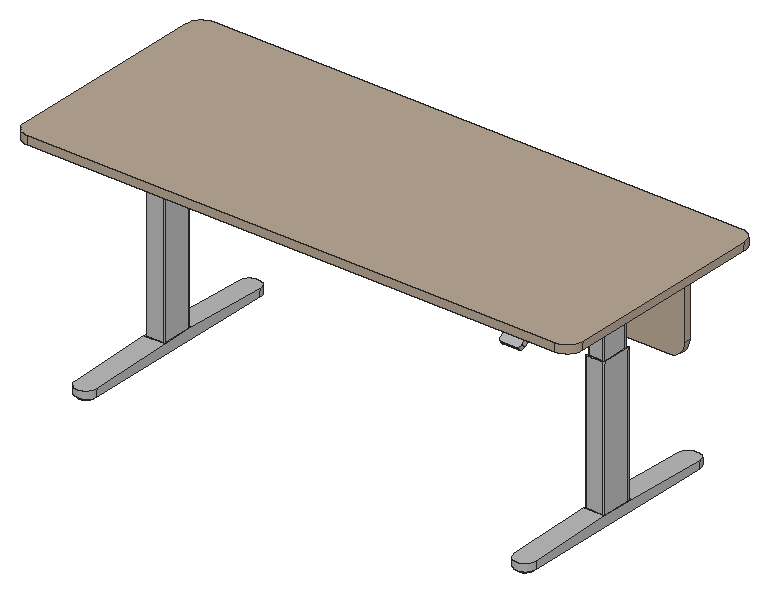
Revit family "Worksurface-Teknion-EMTW_Navigate_Height_Adjustable_Emote_With-Base-R2016", category Furniture, Revit 2018 (continued)
Dimensions and locks (in)
  Sweep 20 sketch curve to Sweep 20 sketch curve to Sweep 20 sketch curve to Sweep 20 sketch curve to Sweep 20 sketch curve to Sweep 20 sketch curve to plane 3 "Center Left/Right" to Sweep 20 sketch curve to Sweep 20 sketch curve to Sweep 20 sketch curve to Sweep 20 sketch curve = 0.86811" locked, 0.98327" locked, 1.10236" locked, 0.47244" locked, 1.10236" locked, 0.23622" locked, 0.23622" locked, 1.10236" locked, 0.47244" locked, 1.10236" locked
  Sweep 20 sketch curve to Sweep 20 sketch curve to Sweep 20 sketch curve to Sweep 20 sketch curve to Sweep 20 sketch curve to Sweep 20 sketch curve to Sweep 20 sketch curve to Sweep 20 sketch curve to Sweep 20 sketch curve to Sweep 20 sketch curve to plane 22 "Bottom of Hardware of Modesty Panel" = 0.000" locked, 0.000" locked, 0.000" locked, 0.11713" locked, 0.86811" locked, 0.11713" locked, 0.000" locked, 0.000" locked, 0.000" locked, 3.64173" locked
  Sweep 21 sketch curve to plane 10 "Right Edge of Modesty Panel" to Sweep 21 sketch curve = 2.58668" locked, 0.02064" locked
  Sweep 21 sketch curve to Sweep 21 sketch curve to Sweep 21 sketch curve to Sweep 21 sketch curve to Sweep 21 sketch curve to Sweep 21 sketch curve to plane 7 "Front" = 0.78797" locked, 0.07805" locked, 0.11715" locked, 0.01185" locked, 1.90931" locked, 0.86614" locked
  plane 11 "Bottom of Worksurface" to Sweep 21 sketch curve to Sweep 21 sketch curve to Sweep 21 sketch curve to Sweep 21 sketch curve = 0.63217" locked, 0.06861" locked, 0.04853" locked, 0.06942" locked
  plane 16 "Outer Edge of Right Hardware for Modesty Panel" to Sweep 22 sketch curve to Sweep 22 sketch curve = 0.56036" locked, 2.81331" locked
  plane 16 "Outer Edge of Right Hardware for Modesty Panel" to Masking region 3 sketch curve to Masking region 3 sketch curve to Masking region 3 sketch curve to Masking region 3 sketch curve = 0.71202" locked, 0.32233" locked, 1.86565" locked, 0.32233" locked
  locked: Masking region 3 sketch curve to plane 7 "Front" at 0.13169
  plane 16 "Outer Edge of Right Hardware for Modesty Panel" to Masking region 4 sketch curve to Masking region 4 sketch curve to Masking region 4 sketch curve = 0.56036" locked, 0.15145" locked, 0.32256" locked
  Masking region 4 sketch curve to Masking region 4 sketch curve to Masking region 4 sketch curve to plane 7 "Front" = 0.33225" locked, 0.03093" locked, 0.10064" locked
  Masking region 5 sketch curve to Masking region 5 sketch curve to plane 7 "Front" = 0.33225" locked, 0.13156" locked
  plane 16 "Outer Edge of Right Hardware for Modesty Panel" to Masking region 5 sketch curve to Masking region 5 sketch curve = 1.03438" locked, 1.8656" locked
  plane 16 "Outer Edge of Right Hardware for Modesty Panel" to Masking region 6 sketch curve to Masking region 6 sketch curve to Masking region 6 sketch curve = 2.89998" locked, 0.32256" locked, 0.15113" locked
  Masking region 6 sketch curve to Masking region 6 sketch curve to Masking region 6 sketch curve to plane 7 "Front" = 0.33225" locked, 0.02949" locked, 0.10208" locked
  Sweep 23 sketch curve to Sweep 23 sketch curve to Sweep 23 sketch curve to Sweep 23 sketch curve to Sweep 23 sketch curve to Sweep 23 sketch curve to plane 5 "Right" = 0.55255" locked, 0.5764" locked, 1.67644" locked, 0.57609" locked, 0.53431" locked, 5.5842" locked
  Sweep 23 sketch curve to Sweep 23 sketch curve to Sweep 23 sketch curve to plane 7 "Front" to Sweep 23 sketch curve to Sweep 23 sketch curve = 0.64225" locked, 0.000" locked, 0.08706" locked, 0.22618" locked, 0.000" locked
  equal spacing: plane 29, plane 28, plane 27
  locked: plane 7 "Front" to Sweep 23 sketch curve at 1.30333
  locked: Sweep 23 sketch curve to plane 7 "Front" at 0.27097
  locked: Sweep 23 sketch curve to Sweep 23 sketch curve at 2.39963
  plane 11 "Bottom of Worksurface" to Sweep 22 sketch curve to Sweep 22 sketch curve to Sweep 22 sketch curve to Sweep 22 sketch curve = 0.13678" locked, 0.50787" locked, 0.32109", 0.38207" locked
  Sweep 22 sketch curve to Sweep 22 sketch curve to Sweep 22 sketch curve to Sweep 22 sketch curve to plane 7 "Front" to Sweep 22 sketch curve to Sweep 22 sketch curve = 0.00886" locked, 2.03802" locked, 0.19744" locked, 0.52411" locked, 0.13169" locked, 0.33213" locked
  aligned and locked: level to plane 2
  aligned and locked: plane 8 "Top" to Sweep 1 sketch curve
  aligned and locked: plane 3 "Center Left/Right" to Sweep 1 sketch curve
  aligned and locked: plane 11 "Bottom of Worksurface" to Sweep 1 sketch curve
  aligned and locked: plane 1 "Center Front/Back" to Sweep 1 sketch curve
  aligned and locked: Sweep 1 sketch curve to plane 6 "Back"
  aligned and locked: Sweep 1 sketch curve to plane 4 "Left"
  aligned and locked: Sweep 1 sketch curve to plane 7 "Front"
  aligned and locked: Sweep 1 sketch curve to plane 5 "Right"
  aligned and locked: plane 8 "Top" to Sweep 2 sketch curve
  aligned and locked: plane 3 "Center Left/Right" to Sweep 2 sketch curve
  aligned and locked: plane 11 "Bottom of Worksurface" to Sweep 2 sketch curve
  aligned and locked: plane 1 "Center Front/Back" to Sweep 2 sketch curve
  aligned and locked: Sweep 2 sketch curve to plane 6 "Back"
  aligned and locked: plane 7 "Front" to Sweep 2 sketch curve
  aligned and locked: plane 20 "Back of Modesty Panel" to Sweep 3 sketch curve
  aligned and locked: plane 21 "Front of Modesty Panel" to Sweep 3 sketch curve
  aligned and locked: plane 3 "Center Left/Right" to Sweep 3 sketch curve
  aligned and locked: level to Sweep 3 sketch curve
  aligned and locked: plane 13 "Bottom of Modesty Panel" to Sweep 3 sketch curve
  aligned and locked: Sweep 3 sketch curve to plane 12 "Top of Modesty Panel"
  aligned and locked: plane 9 "Left Edge of Modesty Panel" to Sweep 3 sketch curve
  aligned and locked: Sweep 3 sketch curve to plane 10 "Right Edge of Modesty Panel"
  aligned and locked: Sweep 2 sketch curve to plane 4 "Left"
  aligned and locked: Sweep 2 sketch curve to plane 5 "Right"
  aligned and locked: Sweep 4 sketch curve to plane 21 "Front of Modesty Panel"
  aligned and locked: Sweep 4 sketch curve to plane 11 "Bottom of Worksurface"
  aligned and locked: plane 22 "Bottom of Hardware of Modesty Panel" to Sweep 4 sketch curve
  aligned and locked: plane 21 "Front of Modesty Panel" to Sweep 4 sketch curve  (x3)
  aligned and locked: plane 23 "Front of Hardware of Modesty Panel" to Sweep 4 sketch curve
  aligned and locked: Sweep 4 sketch curve to plane 3 "Center Left/Right"
  aligned and locked: plane 3 "Center Left/Right" to Sweep 4 sketch curve
  aligned and locked: Sweep 4 sketch curve to plane 14 "Outer Edge of Left Hardware for Modesty Panel"
  aligned and locked: Sweep 4 sketch curve to plane 17 "Inner Edge for Right Hardaware for Modesty Panel"
  aligned and locked: plane 16 "Outer Edge of Right Hardware for Modesty Panel" to Sweep 4 sketch curve
  aligned and locked: plane 21 "Front of Modesty Panel" to Sweep 5 sketch curve  (x2)
  aligned and locked: Sweep 5 sketch curve to plane 18 "Left edge of Center Hardware for Modesty Panel"
  aligned and locked: plane 19 "Right Edge of Center Hardware for Modesty Panel" to Sweep 5 sketch curve
  aligned and locked: Sweep 5 sketch curve to plane 21 "Front of Modesty Panel"
  aligned and locked: Sweep 5 sketch curve to plane 11 "Bottom of Worksurface"
  aligned and locked: plane 23 "Front of Hardware of Modesty Panel" to Sweep 5 sketch curve
  aligned and locked: plane 22 "Bottom of Hardware of Modesty Panel" to Sweep 5 sketch curve
  aligned and locked: plane 3 "Center Left/Right" to Sweep 5 sketch curve
  aligned and locked: Sweep 5 sketch curve to plane 3 "Center Left/Right"
  aligned and locked: plane 24 to Sweep 6 sketch curve
  aligned and locked: level to Sweep 6 sketch curve
  aligned and locked: plane 1 "Center Front/Back" to Sweep 6 sketch curve
  aligned and locked: plane 3 "Center Left/Right" to Sweep 6 sketch curve
  aligned and locked: plane 3 "Center Left/Right" to Sweep 7 sketch curve
  aligned and locked: plane 24 to Sweep 7 sketch curve
  aligned and locked: plane 25 to Sweep 7 sketch curve
  aligned and locked: plane 1 "Center Front/Back" to Sweep 7 sketch curve
  aligned and locked: plane 3 "Center Left/Right" to Sweep 8 sketch curve
  aligned and locked: plane 26 to Sweep 8 sketch curve
  aligned and locked: plane 25 to Sweep 8 sketch curve
  aligned and locked: plane 1 "Center Front/Back" to Sweep 8 sketch curve
  aligned and locked: plane 4 "Left" to Sweep 9 sketch curve
  aligned and locked: plane 5 "Right" to Sweep 9 sketch curve
  aligned and locked: plane 1 "Center Front/Back" to Sweep 9 sketch curve
  aligned and locked: Sweep 9 sketch curve to level
  aligned and locked: plane 27 to Sweep 10 sketch curve
  aligned and locked: plane 26 to Sweep 10 sketch curve
  aligned and locked: plane 3 "Center Left/Right" to Sweep 10 sketch curve
  aligned and locked: plane 1 "Center Front/Back" to Sweep 10 sketch curve
  aligned and locked: plane 28 to Sweep 11 sketch curve
  aligned and locked: plane 3 "Center Left/Right" to Sweep 11 sketch curve
  aligned and locked: plane 1 "Center Front/Back" to Sweep 11 sketch curve
  aligned and locked: plane 29 to Sweep 12 sketch curve
  aligned and locked: plane 28 to Sweep 12 sketch curve
  aligned and locked: plane 3 "Center Left/Right" to Sweep 12 sketch curve
  aligned and locked: plane 1 "Center Front/Back" to Sweep 12 sketch curve
  aligned and locked: plane 3 "Center Left/Right" to Sweep 13 sketch curve
  aligned and locked: level to Sweep 13 sketch curve
  aligned and locked: plane 9 "Left Edge of Modesty Panel" to Sweep 13 sketch curve
  aligned and locked: plane 10 "Right Edge of Modesty Panel" to Sweep 13 sketch curve
  aligned and locked: Sweep 13 sketch curve to plane 11 "Bottom of Worksurface"
  aligned and locked: plane 11 "Bottom of Worksurface" to Sweep 13 sketch curve
  aligned and locked: Sweep 13 sketch curve to plane 29
  aligned and locked: plane 29 to Sweep 13 sketch curve
  aligned and locked: plane 1 "Center Front/Back" to Sweep 14 sketch curve
  aligned and locked: Sweep 14 sketch curve to level
  aligned and locked: Sweep 14 sketch curve to plane 11 "Bottom of Worksurface"
  aligned and locked: plane 11 "Bottom of Worksurface" to Sweep 14 sketch curve
  aligned and locked: plane 29 to Sweep 14 sketch curve
  aligned and locked: plane 1 "Center Front/Back" to Sweep 15 sketch curve
  aligned and locked: Sweep 15 sketch curve to level
  aligned and locked: plane 22 "Bottom of Hardware of Modesty Panel" to Sweep 16 sketch curve
  aligned and locked: plane 3 "Center Left/Right" to Sweep 16 sketch curve
  aligned and locked: plane 8 "Top" to Sweep 16 sketch curve
  aligned and locked: plane 1 "Center Front/Back" to Sweep 16 sketch curve
  aligned and locked: Sweep 15 sketch curve to plane 11 "Bottom of Worksurface"
  aligned and locked: plane 1 "Center Front/Back" to Sweep 17 sketch curve
  aligned and locked: Sweep 17 sketch curve to level
  aligned and locked: plane 22 "Bottom of Hardware of Modesty Panel" to Sweep 18 sketch curve
  aligned and locked: plane 3 "Center Left/Right" to Sweep 18 sketch curve
  aligned and locked: plane 1 "Center Front/Back" to Sweep 18 sketch curve
  aligned and locked: plane 3 "Center Left/Right" to Sweep 19 sketch curve
  aligned and locked: plane 11 "Bottom of Worksurface" to Sweep 19 sketch curve
  aligned and locked: plane 22 "Bottom of Hardware of Modesty Panel" to Sweep 19 sketch curve
  aligned and locked: plane 1 "Center Front/Back" to Sweep 19 sketch curve
  aligned and locked: plane 23 "Front of Hardware of Modesty Panel" to Sweep 20 sketch curve
  aligned and locked: plane 1 "Center Front/Back" to Sweep 20 sketch curve
  aligned and locked: plane 3 "Center Left/Right" to Sweep 20 sketch curve
  aligned and locked: level to Sweep 20 sketch curve
  aligned and locked: plane 1 "Center Front/Back" to Sweep 21 sketch curve
  aligned and locked: Sweep 21 sketch curve to level
  aligned and locked: plane 11 "Bottom of Worksurface" to Sweep 21 sketch curve
  aligned and locked: plane 1 "Center Front/Back" to Sweep 22 sketch curve
  aligned and locked: Sweep 22 sketch curve to level
  aligned and locked: Masking region 1 sketch curve to plane 4 "Left"
  aligned and locked: Masking region 1 sketch curve to plane 6 "Back"
  aligned and locked: Masking region 1 sketch curve to plane 5 "Right"
  aligned and locked: Masking region 1 sketch curve to plane 7 "Front"
  aligned and locked: Masking region 2 sketch curve to Sweep 2  (x4)
  aligned and locked: plane 7 "Front" to Masking region 3 sketch curve
  aligned and locked: plane 7 "Front" to Masking region 4 sketch curve
  aligned and locked: plane 7 "Front" to Masking region 6 sketch curve
  aligned and locked: curve 1 to plane 20 "Back of Modesty Panel"
  aligned and locked: plane 21 "Front of Modesty Panel" to curve 3
  aligned and locked: curve 4 to plane 10 "Right Edge of Modesty Panel"
  aligned and locked: plane 9 "Left Edge of Modesty Panel" to curve 2
  aligned and locked: Sweep 4 to plane 14 "Outer Edge of Left Hardware for Modesty Panel"
  aligned and locked: plane 23 "Front of Hardware of Modesty Panel" to Sweep 4
  aligned and locked: plane 15 "Inner Edge for Left Hardaware for Modesty Panel" to Sweep 4
  aligned and locked: Sweep 4 to plane 17 "Inner Edge for Right Hardaware for Modesty Panel"
  aligned and locked: plane 16 "Outer Edge of Right Hardware for Modesty Panel" to Sweep 4
  aligned and locked: plane 23 "Front of Hardware of Modesty Panel" to curve 9
  aligned and locked: Sweep 5 to plane 18 "Left edge of Center Hardware for Modesty Panel"
  aligned and locked: plane 23 "Front of Hardware of Modesty Panel" to Sweep 5
  aligned and locked: plane 19 "Right Edge of Center Hardware for Modesty Panel" to Sweep 5
  aligned and locked: curve 14 to Sweep 4
  aligned and locked: curve 15 to Sweep 4
  aligned and locked: curve 16 to Sweep 4
  aligned and locked: curve 17 to Sweep 4
  aligned and locked: curve 18 to Sweep 4
  aligned and locked: curve 19 to Sweep 4
  aligned and locked: curve 20 to Sweep 4
  aligned and locked: curve 21 to Sweep 4
  aligned and locked: curve 22 to Sweep 4
  aligned and locked: curve 23 to Sweep 4
  aligned and locked: curve 24 to Sweep 5
  aligned and locked: curve 25 to Sweep 5
  aligned and locked: curve 26 to Sweep 5
  aligned and locked: curve 27 to Sweep 5
  aligned and locked: curve 28 to Sweep 5
  aligned and locked: curve 30 to cut or joined group of Sweep 8, Sweep 9
  aligned and locked: curve 32 to cut or joined group of Sweep 8, Sweep 9
  aligned and locked: curve 33 to cut or joined group of Sweep 8, Sweep 9
  aligned and locked: curve 35 to cut or joined group of Sweep 8, Sweep 9
  aligned and locked: curve 38 to Sweep 10
  aligned and locked: curve 40 to Sweep 10
  aligned and locked: curve 42 to Sweep 10
  aligned and locked: curve 44 to Sweep 10
  aligned and locked: curve 46 to Sweep 10
  aligned and locked: curve 48 to Sweep 10
  aligned and locked: curve 50 to Sweep 10
  aligned and locked: curve 52 to Sweep 10
  aligned and locked: curve 53 to cut or joined group of Sweep 14, Sweep 19, Sweep 20
  aligned and locked: curve 54 to cut or joined group of Sweep 14, Sweep 19, Sweep 20
  aligned and locked: curve 55 to cut or joined group of Sweep 14, Sweep 19, Sweep 20
  aligned and locked: curve 56 to cut or joined group of Sweep 14, Sweep 19, Sweep 20
  aligned and locked: curve 57 to Sweep 13
  aligned and locked: curve 58 to Sweep 13
  aligned and locked: curve 59 to Sweep 13
  aligned and locked: curve 60 to Sweep 13
  aligned and locked: curve 61 to Sweep 13
  aligned and locked: curve 62 to Sweep 13
  aligned and locked: Sweep 13 to curve 63
  aligned and locked: curve 64 to Sweep 13
  aligned and locked: curve 66 to cut or joined group of Sweep 15, Sweep 16, Sweep 18
  aligned and locked: curve 68 to cut or joined group of Sweep 15, Sweep 16, Sweep 18
  aligned and locked: curve 69 to cut or joined group of Sweep 15, Sweep 16, Sweep 18
  aligned and locked: curve 70 to cut or joined group of Sweep 15, Sweep 16, Sweep 18
  aligned and locked: curve 71 to cut or joined group of Sweep 15, Sweep 16, Sweep 18
  aligned and locked: curve 72 to cut or joined group of Sweep 15, Sweep 16, Sweep 18
  aligned and locked: curve 73 to cut or joined group of Sweep 15, Sweep 16, Sweep 18
  aligned and locked: curve 76 to cut or joined group of Sweep 15, Sweep 16, Sweep 18
  aligned and locked: curve 77 to cut or joined group of Sweep 15, Sweep 16, Sweep 18
  aligned and locked: curve 78 to cut or joined group of Sweep 15, Sweep 16, Sweep 18
  aligned and locked: curve 79 to cut or joined group of Sweep 15, Sweep 16, Sweep 18
  aligned and locked: curve 80 to cut or joined group of Sweep 15, Sweep 16, Sweep 18
  aligned and locked: curve 82 to cut or joined group of Sweep 16, Sweep 17, Sweep 18
  aligned and locked: curve 84 to cut or joined group of Sweep 16, Sweep 17, Sweep 18
  aligned and locked: curve 85 to cut or joined group of Sweep 16, Sweep 17, Sweep 18
  aligned and locked: curve 88 to cut or joined group of Sweep 16, Sweep 17, Sweep 18
  aligned and locked: curve 89 to cut or joined group of Sweep 16, Sweep 17, Sweep 18
  aligned and locked: curve 90 to cut or joined group of Sweep 16, Sweep 17, Sweep 18
  aligned and locked: curve 91 to cut or joined group of Sweep 16, Sweep 17, Sweep 18
  aligned and locked: curve 92 to cut or joined group of Sweep 16, Sweep 17, Sweep 18
  aligned and locked: curve 93 to cut or joined group of Sweep 16, Sweep 17, Sweep 18
  aligned and locked: curve 94 to cut or joined group of Sweep 16, Sweep 17, Sweep 18
  aligned and locked: curve 95 to cut or joined group of Sweep 16, Sweep 17, Sweep 18
  aligned and locked: curve 96 to cut or joined group of Sweep 16, Sweep 17, Sweep 18
  aligned and locked: curve 97 to Sweep 7
  aligned and locked: curve 98 to Sweep 7
  aligned and locked: curve 103 to Sweep 7
  aligned and locked: curve 104 to Sweep 7
  aligned and locked: curve 105 to Sweep 6
  aligned and locked: curve 106 to Sweep 6
  aligned and locked: curve 107 to Sweep 6
  aligned and locked: curve 108 to Sweep 6
  aligned and locked: curve 109 to Sweep 6
  aligned and locked: curve 110 to Sweep 6
  aligned and locked: curve 111 to Sweep 6
  aligned and locked: curve 112 to Sweep 6
  aligned and locked: curve 114 to cut or joined group of Sweep 16, Sweep 17, Sweep 18
  aligned and locked: curve 117 to cut or joined group of Sweep 16, Sweep 17, Sweep 18
  aligned and locked: curve 118 to cut or joined group of Sweep 16, Sweep 17, Sweep 18
  aligned and locked: curve 119 to cut or joined group of Sweep 16, Sweep 17, Sweep 18
  aligned and locked: curve 120 to cut or joined group of Sweep 16, Sweep 17, Sweep 18
  aligned and locked: curve 123 to cut or joined group of Sweep 16, Sweep 17, Sweep 18
  aligned and locked: curve 125 to cut or joined group of Sweep 16, Sweep 17, Sweep 18
  aligned and locked: curve 126 to cut or joined group of Sweep 16, Sweep 17, Sweep 18
  aligned and locked: curve 127 to cut or joined group of Sweep 16, Sweep 17, Sweep 18
  aligned and locked: curve 128 to cut or joined group of Sweep 16, Sweep 17, Sweep 18
  aligned and locked: curve 130 to cut or joined group of Sweep 15, Sweep 16, Sweep 18
  aligned and locked: curve 133 to cut or joined group of Sweep 15, Sweep 16, Sweep 18
  aligned and locked: curve 134 to cut or joined group of Sweep 15, Sweep 16, Sweep 18
  aligned and locked: curve 135 to cut or joined group of Sweep 15, Sweep 16, Sweep 18
  aligned and locked: curve 136 to cut or joined group of Sweep 15, Sweep 16, Sweep 18
  aligned and locked: curve 137 to Sweep 13
  aligned and locked: curve 138 to cut or joined group of Sweep 14, Sweep 19, Sweep 20
  aligned and locked: curve 139 to cut or joined group of Sweep 14, Sweep 19, Sweep 20
  aligned and locked: curve 140 to cut or joined group of Sweep 14, Sweep 19, Sweep 20
  aligned and locked: curve 141 to cut or joined group of Sweep 14, Sweep 19, Sweep 20
  aligned and locked: curve 143 to Sweep 11
  aligned and locked: curve 145 to Sweep 11
  aligned and locked: curve 147 to Sweep 11
  aligned and locked: curve 149 to Sweep 11
  aligned and locked: curve 151 to Sweep 11
  aligned and locked: curve 153 to Sweep 11
  aligned and locked: curve 155 to Sweep 11
  aligned and locked: curve 157 to Sweep 11
  aligned and locked: curve 159 to Sweep 12
  aligned and locked: curve 160 to Sweep 12
  aligned and locked: curve 161 to Sweep 12
  aligned and locked: curve 163 to Sweep 12
  aligned and locked: curve 164 to Sweep 12
  aligned and locked: curve 165 to Sweep 12
  aligned and locked: curve 167 to Sweep 12
  aligned and locked: curve 168 to Sweep 12
  aligned and locked: curve 169 to Sweep 12
  aligned and locked: curve 171 to Sweep 12
  aligned and locked: curve 172 to Sweep 12
  aligned and locked: curve 173 to Sweep 12
  aligned and locked: curve 176 to cut or joined group of Sweep 15, Sweep 16, Sweep 18
  aligned and locked: curve 178 to cut or joined group of Sweep 15, Sweep 16, Sweep 18
  aligned and locked: curve 179 to cut or joined group of Sweep 15, Sweep 16, Sweep 18
  aligned and locked: curve 180 to cut or joined group of Sweep 15, Sweep 16, Sweep 18
  aligned and locked: curve 181 to cut or joined group of Sweep 15, Sweep 16, Sweep 18
  aligned and locked: curve 182 to cut or joined group of Sweep 22, Sweep 23
  aligned and locked: curve 183 to cut or joined group of Sweep 22, Sweep 23
  aligned and locked: curve 184 to cut or joined group of Sweep 22, Sweep 23
  aligned and locked: curve 185 to cut or joined group of Sweep 22, Sweep 23
  aligned and locked: curve 186 to cut or joined group of Sweep 22, Sweep 23
  aligned and locked: curve 187 to Sweep 21
  aligned and locked: curve 188 to Sweep 21
  aligned and locked: curve 189 to Sweep 21
  aligned and locked: curve 190 to Sweep 21
  aligned and locked: curve 191 to Sweep 21
  aligned and locked: curve 192 to plane 4 "Left"
  aligned and locked: curve 193 to plane 6 "Back"
  aligned and locked: curve 194 to plane 5 "Right"
  aligned and locked: curve 195 to plane 7 "Front"
Automatic sketch dimensions
  Sweep 2 sketch curve to Sweep 2 sketch curve = 2.000"  (x4)
  Sweep 3 sketch curve to Sweep 3 sketch curve = 2.000"  (x2)
  Sweep 4 sketch curve to Sweep 4 sketch curve = 0.0605"
  profile plane to Sweep 9 sketch curve = 1.58947"
  Sweep 9 sketch curve to profile plane = 2.74117"
  Sweep 10 sketch curve to Sweep 10 sketch curve = 0.14453"  (x6)
  Sweep 10 sketch curve to Sweep 10 sketch curve = 2.12598"  (x2)
  Sweep 11 sketch curve to plane 27 = 0.000"
  Sweep 11 sketch curve to Sweep 11 sketch curve = 0.11811"  (x6)
  Sweep 11 sketch curve to Sweep 11 sketch curve = 1.72441"  (x2)
  Sweep 12 sketch curve to Sweep 12 sketch curve = 0.11807"  (x6)
  Sweep 12 sketch curve to Sweep 12 sketch curve = 1.39624"  (x2)
  Sweep 12 sketch curve to Sweep 12 sketch curve = 0.000"  (x2)
  Sweep 12 sketch curve to Sweep 12 sketch curve = 0.00007"  (x4)
  plane 1 "Center Front/Back" to Sweep 12 sketch curve = 0.97472"  (x2)
  plane 1 "Center Front/Back" to Sweep 13 sketch curve = 1.65423"
  Sweep 13 sketch curve to plane 1 "Center Front/Back" = 2.67648"
  Sweep 14 sketch curve to Sweep 14 sketch curve = 0.10472"  (x2)
  Sweep 17 sketch curve to Sweep 17 sketch curve = 0.5676"
  Sweep 23 sketch curve to profile plane = 0.00781"
  Sweep 23 sketch curve to Sweep 23 sketch curve = 0.39596"
  Sweep 23 sketch curve to Sweep 23 sketch curve = 0.41504"  (x2)
  Sweep 23 sketch curve to profile plane = 0.2824"
  Sweep 23 sketch curve to Sweep 23 sketch curve = 0.82894"
  Masking region 3 sketch curve to Masking region 3 sketch curve = 0.15945"  (x2)
  Masking region 3 sketch curve to plane 7 "Front" = 0.30716"
  Masking region 3 sketch curve to plane 10 "Right Edge of Modesty Panel" = 0.44472"
  Masking region 4 sketch curve to Masking region 4 sketch curve = 0.07304"
  plane 7 "Front" to Masking region 4 sketch curve = 0.02822"
  Masking region 4 sketch curve to Masking region 4 sketch curve = 0.0078"
  plane 7 "Front" to Masking region 6 sketch curve = 0.02822"
  Masking region 6 sketch curve to Masking region 6 sketch curve = 0.00812"
  Masking region 6 sketch curve to plane 10 "Right Edge of Modesty Panel" = 0.42306"
  curve 14 to plane 14 "Outer Edge of Left Hardware for Modesty Panel" = 0.000"
  curve 18 to plane 15 "Inner Edge for Left Hardaware for Modesty Panel" = 0.000"
  curve 11 to plane 18 "Left edge of Center Hardware for Modesty Panel" = 0.000"
  curve 13 to plane 19 "Right Edge of Center Hardware for Modesty Panel" = 0.000"
  curve 8 to plane 17 "Inner Edge for Right Hardaware for Modesty Panel" = 0.000"
  curve 10 to plane 16 "Outer Edge of Right Hardware for Modesty Panel" = 0.000"
  plane 23 "Front of Hardware of Modesty Panel" to curve 6 = 0.000"
  plane 23 "Front of Hardware of Modesty Panel" to curve 24 = 0.000"
  plane 9 "Left Edge of Modesty Panel" to curve 66 = 0.10509"
  plane 9 "Left Edge of Modesty Panel" to curve 75 = 0.10509"
  curve 75 to curve 70 = 0.20668"
  curve 68 to curve 67 = 0.20668"
  curve 83 to plane 10 "Right Edge of Modesty Panel" = 0.10509"
  curve 85 to plane 10 "Right Edge of Modesty Panel" = 0.10509"
  curve 90 to curve 83 = 0.20668"
  curve 88 to curve 88 = 0.20668"
  plane 16 "Outer Edge of Right Hardware for Modesty Panel" to curve 114 = 0.45238"
  curve 93 to curve 114 = 0.21547"
  plane 10 "Right Edge of Modesty Panel" to curve 115 = 0.14066"
  curve 115 to curve 83 = 0.21547"
  plane 16 "Outer Edge of Right Hardware for Modesty Panel" to curve 122 = 0.45238"
  curve 96 to curve 122 = 0.21547"
  plane 10 "Right Edge of Modesty Panel" to curve 123 = 0.14066"
  curve 87 to curve 96 = 0.47013"
  curve 130 to plane 9 "Left Edge of Modesty Panel" = 0.14066"
  curve 132 to curve 80 = 0.21547"
  curve 132 to plane 14 "Outer Edge of Left Hardware for Modesty Panel" = 0.45238"
  curve 133 to curve 132 = 0.25465"
  curve 175 to plane 9 "Left Edge of Modesty Panel" = 0.14066"
  curve 176 to curve 73 = 0.21547"
  curve 176 to plane 14 "Outer Edge of Left Hardware for Modesty Panel" = 0.45238"
  curve 77 to curve 175 = 0.21547"
  plane 7 "Front" to curve 182 = 0.10065"
  plane 7 "Front" to curve 183 = 0.10209"
  plane 29 to Sweep 23 sketch curve = 0.000"
  radius of Sweep 6 sketch curve = 0.984"  (x4)
Types (5): name | Square Corner | Round Corner | Model | Description
  (no name) | no | yes | "EMTW9MR30__" | "Worksurface for Navigate Extended Range HA Table with Base, Extended Electric Emote Base Mechanics, Rectangular Top Square Edge, 30\" Depth"
  Rectangular Top, Square Edge | yes | no | "EMTW9MR30__" | "Worksurface for Navigate Extended Range HA Table with Base, Extended Electric Emote Base Mechanics, Rectangular Top Square Edge, 30\" Depth"
  Eased Corners, Square Edge | no | yes | "EMTW9ME30__" | "Worksurface for Navigate Extended Range HA Table with Base, Extended Electric Emote Base Mechanics, Eased Corners Square Edge, 30\" Depth"
  Rectangular Top, Knife Edge | yes | no | "EMTW9MK30__" | "Worksurface for Navigate Extended Range HA Table with Base, Extended Electric Emote Base Mechanics, Rectangular Top Knife Edge, 30\" Depth"
  Eased Corner, Knife Edge | no | yes | "EMTW9MR30__" | "Worksurface for Navigate Extended Range HA Table with Base, Extended Electric Emote Base Mechanics, Rectangular Top Square Edge, 30\" Depth"
